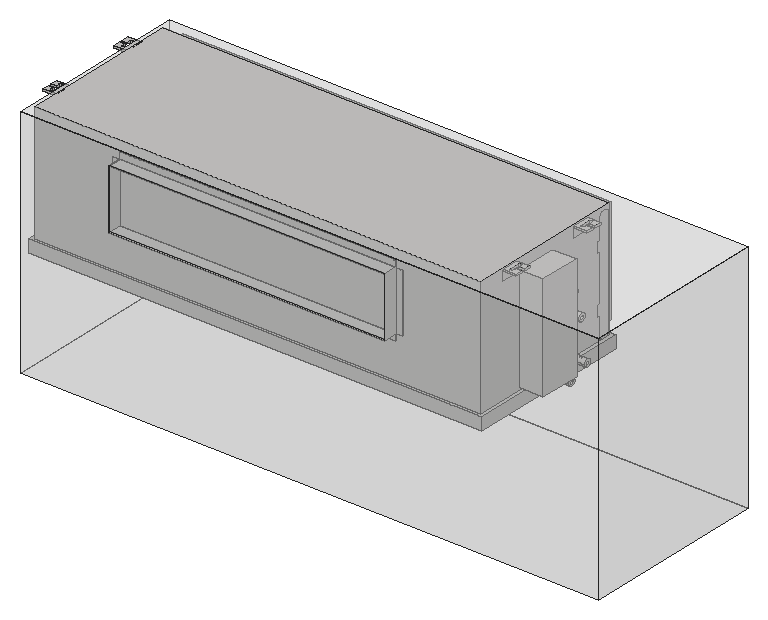
Revit family "outputfile", category 機械設備, Revit 2024
Family settings
  丸型コネクタ寸法 = 半径を使用
  パーツ タイプ = 標準
  OmniClass 番号 = 23.75.10.24.21.27.27
  OmniClass タイトル = Split System Air Conditioning Units
  作業面ベース = いいえ
  常に垂直 = はい
  ロード時にボイドで切り取り = いいえ
  注釈の向きを維持 = いいえ
  共有 = いいえ
  部屋計算ポイント = はい
Parameters (values of type "FDMRN125AXVL9")
  Description = ""
  書き出し IFC クラス(タイプ) = "IfcUnitaryEquipmentType"
  定義済み IFC タイプ(タイプ) = "AIRCONDITIONINGUNIT"
  Cost = 0
  Type Comments = ""
  Keynote = ""
  Type Image = (empty or 0)
  Assembly Code = ""
  switch_frequency = yes
  lw_mountinghole = 19.5 mm  # constant formula
  lw_Supply Duct = 0 mm  # constant formula
  lh_controlbox = 44.5 mm  # constant formula
  lh_Supply Duct = 242.5 mm  # constant formula
  lh_Return Duct = 202.5 mm  # constant formula
  ld_mountinghole = 128.5 mm  # constant formula
  ld_controlbox = 176 mm  # constant formula
  l_powersupply = h_controlbox / 2  # 152 mm
  l_liquidpipe = 22 mm  # constant formula
  l_gaspipe = 39 mm  # constant formula
  l_drainpipe = 39 mm  # constant formula
  w_controlbox = 71 mm  # constant formula
  l_Supply Duct = 39 mm  # constant formula
  l_Return Duct = 40 mm  # constant formula
  h_controlbox = 304 mm  # constant formula
  d2 = 240.5 mm  # constant formula
  connector_voltage = 230 V
  connector_powerinput = [Power Input (Cooling)]  # 5.520 kW
  connector_phase = 1
  d_controlbox = 119.5 mm  # constant formula
  W2 = if(Width = 1569 mm, 1509 mm, 1309 mm)  # 1309 mm
  W1 = if(Width = 1569 mm, 743.5 mm, 643.5 mm)  # 643.5 mm
  W = if(Width = 1569 mm, 754.5 mm, 654.5 mm)  # 654.5 mm
  Voltage_comment_60Hz = "220"
  Voltage_60Hz = 220 V
  URL = ""
  Supply Air Direction [instance] = yes
  製造元 = "Daikin"
  モデル = "FDMRN125AXVL9"
  r_Liquid Pipe Size = Liquid Pipe Size / 2  # 4.75 mm
  r_Gas Pipe Size = Gas Pipe Size / 2  # 7.95 mm
  r_Drain Pipe Size = Drain Pipe Size / 2  # 9.5 mm
  lw_powersupply = C - W1 + 40 mm  # 683.5 mm
  lw_Return Duct = 0 mm  # constant formula
  ld_powersupply = 73 mm  # constant formula
  Sound Power Level_H speed (dB) = 0
  Phase_60Hz = 1
  Minimum External Static Pressure = 0.00 Pa
  Minimum Circuit Amps_60Hz = 0.0 A
  Maximum Fuse Amps_60Hz = 0.0 A
  Maximum External Static Pressure = 0.00 Pa
  Material_Casing = DAIKIN_GalvanizedSteel_Casing_indoorunit
  lw_liquidpipe = C - W1 + l_liquidpipe  # 665.5 mm
  lw_gaspipe = C - W1 + l_gaspipe  # 682.5 mm
  lw_mountinghole_pitch = if(Width = 1569 mm, 1526 mm, 1326 mm)  # 1326 mm
  lw_drainpipe = C - W1 + l_drainpipe  # 682.5 mm
  lh_powersupply = lh_controlbox + h_controlbox / 2  # 196.5 mm
  lh_liquidpipe = 220 mm  # constant formula
  lh_gaspipe = 160 mm  # constant formula
  lh_mountinghole = 376 mm  # constant formula
  lh_drainpipe = 33 mm  # constant formula
  l_antena = Height + 1 mm - lh_mountinghole  # 3 mm
  ld_liquidpipe = 85 mm  # constant formula
  ld_gaspipe = 85 mm  # constant formula
  ld_mountinghole_pitch = 256 mm  # constant formula
  ld_drainpipe = 105 mm  # constant formula
  h*** = 0 mm  # constant formula
  Width = 1369 mm
  Version = "ver.1.0"
  Unit Type = "Duct"
  Unit Mass Weight = 50.00 kg
  Unit Designation [instance] = ""
  Uniclass2015Version = "Products v1.30"
  Uniclass2015Title = "Split coil room air conditioning units"
  Uniclass2015Code = "Pr_70_65_03_86"
  Total Cooling Capacity [instance] = 0.000 kW
  Sound Pressure Level_M speed (dBA) = 48
  Sound Pressure Level_L speed (dBA) = 46
  Sound Pressure Level_H speed (dBA) = 51
  Series = "SkyAir_Fan Coil Unit"
  Sensible Cooling Capacity [instance] = 0.000 kW
  SA Duct Size Width = 797 mm
  SA Duct Size Height = 173 mm
  Refrigerant Type = "R410A"
  RA Duct Size Width = 1236 mm
  RA Duct Size Height = 306 mm
  Power Input (Cooling) = 5.520 kW
  Option Accessory 3 [instance] = ""
  Option Accessory 2 [instance] = ""
  Option Accessory 1 [instance] = ""
  Nominal Cooling Capacity = 14.070 kW
  Minimum Airflow = 1869.00 m³/h
  Median Airflow = 2175.00 m³/h
  Maximum Airflow = 2616.00 m³/h
  Load Classification = HVAC
  Liquid Pipe Size = 9.5 mm
  Link_Nested Family [instance] = ""
  Liquid Pipe_r1 = 4.675 mm  # constant formula
  Liquid Pipe_r = 6.5 mm  # constant formula
  J = 462 mm  # constant formula
  IfcVersion = ""
  IfcExportType = "AIRCONDITIONINGUNIT"
  IfcExportAs = "IfcUnitaryEquipmentType"
  Height = 378 mm
  Heat Exchanger Type = "Cross Fin Coil"
  Gas Pipe Size = 15.9 mm
  Frequency_60Hz = 60 Hz
  Fan Type = "Sirocco Fan"
  Fan Drive = "-"
  FCU Tag No. [instance] = ""
  Drain Pipe Size = 19.0 mm
  Design Supply Airflow [instance] = 0.00 m³/h
  Design Return Airflow [instance] = 0.00 m³/h
  Design External Static Pressure [instance] = 0.00 Pa
  Depth = 541 mm
  既定の高さ = 0 mm
  d1 = 231.5 mm  # constant formula
  D2 = 484 mm  # constant formula
  Cooling Entering Wet Bulb Temperature [instance] = 0.00 °C
  Cooling Entering Dry Bulb Temperature [instance] = 0.00 °C
  Cooling Ambient Wet Bulb Temperature [instance] = 0.00 °C
  Cooling Ambient Dry Bulb Temperature [instance] = 0.00 °C
  Clearance visibility [instance] = yes
  Clearance Top = 0 mm
  Clearance Right = 300 mm
  Clearance Rear = 0 mm
  Clearance Left = 0 mm
  Clearance Front = 0 mm
  Clearance Bottom = 300 mm
  C = if(Width = 1569 mm, 1487 mm, 1287 mm)  # 1287 mm
  A = 36 mm  # constant formula
Reference planes
  plane 1 "Center (Front/Back)": y = 0
  plane 2: z = 0
  plane 3 "Center (Left/Right)": x = 0
  plane 4 "Back": y = 270.5
  plane 5 "Front": y = -270.5
  plane 6 "Left": x = -654.5
  plane 7 "Right": x = 714.5
  plane 8 "Top": z = 0
  plane 9 "Bottom": z = -378
  plane 10 "lh_liquidpipe": z = -158
  plane 11 "lh_gaspipe": z = -218
  plane 12 "lw_mountinghole": x = -663
  plane 13 "lw_mountinghole3": x = 663
  plane 14 "lw_liquidpipe": x = 665.5
  plane 15 "lw_gaspipe": x = 682.5
  plane 16 "lh_mountinghole": z = -2
  plane 17 "Clearance Left": x = -654.5
  plane 18 "Clearance Right": x = 1014.5
  plane 19 "Clearance Rear": y = 270.5
  plane 20 "Clearance Front": y = -270.5
  plane 21 "Clearance Bottom": z = -678
  plane 22 "lh_drainpipe": z = -345
  plane 23 "ld_gaspipe": y = 85
  plane 24 "ld_liquidpipe": y = 85
  plane 25 "ld_drainpipe": y = 105
  plane 26 "lw_drainpipe": x = 682.5
  plane 27 "ld_mountinghole1": y = 127.5
  plane 28 "ld_mountinghole": y = -128.5
  plane 29 "Clearance Top": z = 0
  plane 30 "lh_powersupply": z = -181.5
  plane 31 "ld_powersupply": y = -73
  plane 32 "箱_L": x = -643.5
  plane 33 "箱_R": x = 643.5
  plane 34 "箱_F": y = -231.5
  plane 35 "箱_後": y = 230.5
  plane 36 "A": z = -342
  plane 37: x = 654.5
  plane 38: y = -240.5
  plane 39: y = 243.5
  plane 40: y = 25
  plane 41: y = -94.5
  plane 42 "lh_box": z = -333.5
  plane 43 "lh_box1": z = -29.5
  plane 44 "l-box": x = 714.5
  plane 45 "lw_Supply Duct": x = 0
  plane 46 "lw_Return Duct": x = 0
  plane 47 "lh_Supply Duct": z = -135.5
  plane 48 "lh_Return Duct": z = -175.5
  plane 49 "lw_powersupply": x = 683.5
Forms (mm)
  Extrusion 1, solid, material "DAIKIN_GalvanizedSteel_Casing_indoorunit" <- "Material_Casing"
    sketch origin (0, 0, -342) x (-1, 0, 0) y (0, -1, 0)
      loop
        line (643.5, -230.5) -> (643.5, 231.5) -> (-643.5, 231.5) -> (-643.5, -230.5) -> (643.5, -230.5)
    from 0 to 342
  Extrusion 2, solid, material "DAIKIN_GalvanizedSteel_Casing_indoorunit" <- "Material_Casing"
    sketch origin (0, 0, -378) x (-1, 0, 0) y (0, -1, 0)
      loop
        line (654.5, -243.5) -> (654.5, 240.5) -> (-654.5, 240.5) -> (-654.5, -243.5) -> (654.5, -243.5)
    from 0 to 36
  Extrusion 3, solid, material "DAIKIN_GalvanizedSteel_Casing_indoorunit" <- "Material_Casing"
    sketch origin (0, 0, -333.5) x (-1, 0, 0) y (0, -1, 0)
      loop
        line (-643.5, -25) -> (-643.5, 94.5) -> (-714.5, 94.5) -> (-714.5, -25) -> (-643.5, -25)
    from 0 to 304
  Extrusion 4, solid, material "DAIKIN_GalvanizedSteel_Casing_indoorunit"
    sketch origin (643.5, 1296.25, 1200) x (0, 1, 0) y (0, 0, 1)
      loop
        circle (-1191.25, -1545) r 9.5
      loop
        circle (-1191.25, -1545) r 6.5
    from 0 to 39 <- "l_drainpipe"
  Extrusion 5, solid, material "DAIKIN_GalvanizedSteel_Casing_indoorunit" <- "Material_Casing"
    sketch origin (643.5, 1296.25, 1200) x (0, 1, 0) y (0, 0, 1)
      loop
        circle (-1211.25, -1418) r 9.95
      loop
        circle (-1211.25, -1418) r 6.35
    from 0 to 39 <- "l_gaspipe"
  Extrusion 6, solid, material "DAIKIN_GalvanizedSteel_Casing_indoorunit" <- "Material_Casing"
    sketch origin (643.5, 1296.25, 1200) x (0, 1, 0) y (0, 0, 1)
      loop
        circle (-1211.25, -1358) r 6.5
      loop
        circle (-1211.25, -1358) r 4.675
    from 0 to 22 <- "l_liquidpipe"
  Extrusion 7, solid, material "DAIKIN_GalvanizedSteel_Casing_indoorunit" <- "Material_Casing"
    sketch origin (643.5, 1296.25, 1200) x (0, 1, 0) y (0, 0, 1)
      loop
        arc (-1231.25, -1418) -> (-1211.25, -1438) -> (-1191.25, -1418) r 20
        line (-1191.25, -1418) -> (-1191.25, -1358)
        arc (-1191.25, -1358) -> (-1211.25, -1338) -> (-1231.25, -1358) r 20
        line (-1231.25, -1358) -> (-1231.25, -1418)
    from 0 to 0.8
  Extrusion 8, solid, material "DAIKIN_GalvanizedSteel_Casing_indoorunit" <- "Material_Casing"
    sketch origin (643.5, 1296.25, 1200) x (0, 1, 0) y (0, 0, 1)
      loop
        arc (-1089.75, -1211.5) -> (-1096.822, -1214.429) -> (-1099.75, -1221.5) r 10
        line (-1099.75, -1221.5) -> (-1099.75, -1281.5) -> (-1106.75, -1281.5) -> (-1106.75, -1311.5) -> (-1099.75, -1311.5) -> (-1099.75, -1446.5) -> (-1106.75, -1446.5) -> (-1106.75, -1476.5) -> (-1099.75, -1476.5) -> (-1099.75, -1530.5)
        arc (-1099.75, -1530.5) -> (-1096.822, -1537.571) -> (-1089.75, -1540.5) r 10
        line (-1089.75, -1540.5) -> (-1079.75, -1540.5)
        arc (-1079.75, -1540.5) -> (-1072.679, -1537.571) -> (-1069.75, -1530.5) r 10
        line (-1069.75, -1530.5) -> (-1069.75, -1221.5)
        arc (-1069.75, -1221.5) -> (-1072.679, -1214.429) -> (-1079.75, -1211.5) r 10
        line (-1079.75, -1211.5) -> (-1089.75, -1211.5)
    from 0 to 0.8
  Extrusion 9, solid, material "DAIKIN_GalvanizedSteel_Casing_indoorunit" <- "Material_Casing"
    sketch origin (643.5, 1296.25, 1200) x (0, 1, 0) y (0, 0, 1)
      loop
        circle (-1251.25, -1567) r 9.5
      loop
        circle (-1251.25, -1567) r 6.5
    from 0 to 42
Cuts and joins
  joined: Extrusion 2, Extrusion 9
Dimensions and locks
  "Height": plane 8 "Top" to plane 9 "Bottom"
  "lw_mountinghole_pitch": plane 12 "lw_mountinghole" to plane 13 "lw_mountinghole3"
  "lh_liquidpipe": plane 10 "lh_liquidpipe" to plane 9 "Bottom"
  "lh_gaspipe": plane 11 "lh_gaspipe" to plane 9 "Bottom"
  "lh_mountinghole": plane 16 "lh_mountinghole" to plane 9 "Bottom"
  "Width": plane 6 "Left" to plane 7 "Right"
  "Clearance Right": plane 7 "Right" to plane 18 "Clearance Right"
  "Clearance Left": plane 17 "Clearance Left" to plane 6 "Left"
  "Clearance Rear": plane 19 "Clearance Rear" to plane 4 "Back"
  "Clearance Front": plane 5 "Front" to plane 20 "Clearance Front"
  "Depth": plane 4 "Back" to plane 5 "Front"
  equal spacing: plane 4 "Back", plane 1 "Center (Front/Back)", plane 5 "Front"
  "ld_mountinghole_pitch": plane 27 "ld_mountinghole1" to plane 28 "ld_mountinghole"
  "lw_liquidpipe": plane 3 "Center (Left/Right)" to plane 14 "lw_liquidpipe"
  "lw_gaspipe": plane 3 "Center (Left/Right)" to plane 15 "lw_gaspipe"
  "lw_drainpipe": plane 3 "Center (Left/Right)" to plane 26 "lw_drainpipe"
  "lh_drainpipe": plane 22 "lh_drainpipe" to plane 9 "Bottom"
  "Clearance Top": plane 29 "Clearance Top" to plane 8 "Top"
  "Clearance Bottom": plane 9 "Bottom" to plane 21 "Clearance Bottom"
  "lh_powersupply": plane 30 "lh_powersupply" to plane 9 "Bottom"
  "lw_mountinghole": plane 12 "lw_mountinghole" to plane 32 "箱_L"
  "W": plane 6 "Left" to plane 3 "Center (Left/Right)"
  "W1": plane 32 "箱_L" to plane 3 "Center (Left/Right)"
  "C": plane 32 "箱_L" to plane 33 "箱_R"
  "d1": plane 34 "箱_F" to plane 1 "Center (Front/Back)"
  "J": plane 35 "箱_後" to plane 34 "箱_F"
  "A": plane 36 "A" to plane 9 "Bottom"
  "D2": plane 39 to plane 38
  "W2": plane 6 "Left" to plane 37
  "d2": plane 1 "Center (Front/Back)" to plane 38
  "d_controlbox": plane 40 to plane 41
  "ld_controlbox": plane 41 to plane 5 "Front"
  "h_controlbox": plane 43 "lh_box1" to plane 42 "lh_box"
  "lh_controlbox": plane 42 "lh_box" to plane 9 "Bottom"
  "ld_drainpipe": plane 25 "ld_drainpipe" to plane 1 "Center (Front/Back)"
  "ld_gaspipe": plane 23 "ld_gaspipe" to plane 1 "Center (Front/Back)"
  "ld_liquidpipe": plane 1 "Center (Front/Back)" to plane 24 "ld_liquidpipe"
  plane 1 "Center (Front/Back)" to Extrusion 7 sketch curve to Extrusion 7 sketch curve = 65 mm locked, 40 mm locked
  Extrusion 7 sketch curve to Extrusion 7 sketch curve to plane 9 "Bottom" = 60 mm locked, 160 mm locked
  locked: Extrusion 8 sketch curve to Extrusion 8 sketch curve at 30  (x2)
  locked: Extrusion 8 sketch curve to Extrusion 8 sketch curve at 64
  locked: Extrusion 8 sketch curve to Extrusion 8 sketch curve at 70
  locked: Extrusion 8 sketch curve to Extrusion 8 sketch curve at 329
  Extrusion 8 sketch curve to Extrusion 8 sketch curve to Extrusion 8 sketch curve = 7 mm locked, 30 mm locked
  locked: Extrusion 8 sketch curve to plane 35 "箱_後" at 4
  locked: Extrusion 8 sketch curve to plane 9 "Bottom" at 37.5
  "w_controlbox": plane 33 "箱_R" to plane 44 "l-box"
  "h***": plane 8 "Top" to plane 2
  "ld_mountinghole": plane 28 "ld_mountinghole" to plane 1 "Center (Front/Back)"
  "lw_Supply Duct": plane 46 "lw_Return Duct" to plane 3 "Center (Left/Right)"
  "lw_Return Duct": plane 45 "lw_Supply Duct" to plane 3 "Center (Left/Right)"
  "lh_Supply Duct": plane 47 "lh_Supply Duct" to plane 9 "Bottom"
  "lh_Return Duct": plane 48 "lh_Return Duct" to plane 9 "Bottom"
  "ld_powersupply": plane 1 "Center (Front/Back)" to plane 31 "ld_powersupply"
  locked: plane 1 "Center (Front/Back)" to Extrusion 9 sketch curve at 45  (x2)
  locked: Extrusion 9 sketch curve to plane 9 "Bottom" at 11  (x2)
  "lw_powersupply": plane 3 "Center (Left/Right)" to plane 49 "lw_powersupply"
  "Liquid Pipe_r": radius of Extrusion 6 sketch curve
  "Liquid Pipe_r1": radius of Extrusion 6 sketch curve
  radius of Extrusion 8 sketch curve = 10 mm  (x4)
  aligned and locked: level to plane 2
  aligned and locked: plane 19 "Clearance Rear" to nested 1
  aligned and locked: plane 18 "Clearance Right" to nested 1
  aligned and locked: plane 17 "Clearance Left" to nested 1
  aligned and locked: nested 1 to plane 20 "Clearance Front"
  aligned and locked: plane 29 "Clearance Top" to nested 1
  aligned and locked: nested 1 to plane 21 "Clearance Bottom"
  aligned and locked: plane 32 "箱_L" to Extrusion 1 sketch curve
  aligned and locked: Extrusion 1 sketch curve to plane 33 "箱_R"
  aligned and locked: plane 34 "箱_F" to Extrusion 1 sketch curve
  aligned and locked: Extrusion 1 sketch curve to plane 35 "箱_後"
  aligned and locked: Extrusion 1 to plane 36 "A"
  aligned and locked: plane 8 "Top" to Extrusion 1
  aligned and locked: plane 6 "Left" to Extrusion 2 sketch curve
  aligned and locked: Extrusion 2 sketch curve to plane 37
  aligned and locked: Extrusion 2 sketch curve to plane 39
  aligned and locked: plane 38 to Extrusion 2 sketch curve
  aligned and locked: Extrusion 2 to plane 9 "Bottom"
  aligned and locked: plane 36 "A" to Extrusion 2
  aligned and locked: plane 12 "lw_mountinghole" to nested 3
  aligned and locked: plane 12 "lw_mountinghole" to nested 2
  aligned and locked: nested 4 to plane 13 "lw_mountinghole3"
  aligned and locked: nested 5 to plane 13 "lw_mountinghole3"
  aligned and locked: plane 27 "ld_mountinghole1" to nested 5
  aligned and locked: nested 2 to plane 27 "ld_mountinghole1"
  aligned and locked: plane 28 "ld_mountinghole" to nested 4
  aligned and locked: nested 3 to plane 28 "ld_mountinghole"
  aligned and locked: plane 33 "箱_R" to Extrusion 3 sketch curve
  aligned and locked: plane 41 to Extrusion 3 sketch curve
  aligned and locked: Extrusion 3 sketch curve to plane 40
  aligned and locked: Extrusion 3 to plane 42 "lh_box"
  aligned and locked: plane 43 "lh_box1" to Extrusion 3
  aligned and locked: plane 16 "lh_mountinghole" to nested 4
  aligned and locked: plane 16 "lh_mountinghole" to nested 5
  aligned and locked: plane 16 "lh_mountinghole" to nested 3
  aligned and locked: plane 16 "lh_mountinghole" to nested 2
  aligned and locked: plane 22 "lh_drainpipe" to Extrusion 4 sketch curve  (x2)
  aligned and locked: Extrusion 4 sketch curve to plane 25 "ld_drainpipe"  (x2)
  aligned and locked: Extrusion 5 sketch curve to plane 11 "lh_gaspipe"  (x2)
  aligned and locked: Extrusion 5 sketch curve to plane 23 "ld_gaspipe"  (x2)
  aligned and locked: Extrusion 5 to plane 33 "箱_R"
  aligned and locked: Extrusion 6 sketch curve to plane 10 "lh_liquidpipe"  (x2)
  aligned and locked: Extrusion 6 sketch curve to plane 24 "ld_liquidpipe"  (x2)
  aligned and locked: plane 3 "Center (Left/Right)" to nested 6
  aligned and locked: nested 6 to plane 34 "箱_F"
  aligned and locked: plane 9 "Bottom" to nested 6
  aligned and locked: plane 3 "Center (Left/Right)" to nested 7
  aligned and locked: nested 7 to plane 35 "箱_後"
  aligned and locked: plane 9 "Bottom" to nested 7
  aligned and locked: Extrusion 8 sketch curve to Extrusion 8 sketch curve  (x3)
  aligned and locked: Extrusion 3 sketch curve to plane 44 "l-box"
  aligned and locked: nested 8 to plane 34 "箱_F"
  aligned and locked: plane 45 "lw_Supply Duct" to nested 8
  aligned and locked: plane 47 "lh_Supply Duct" to nested 8
  aligned and locked: plane 35 "箱_後" to nested 9
  aligned and locked: nested 9 to plane 46 "lw_Return Duct"
  aligned and locked: plane 24 "ld_liquidpipe" to nested 10
  aligned and locked: plane 3 "Center (Left/Right)" to nested 10
  aligned and locked: plane 3 "Center (Left/Right)" to nested 11
  aligned and locked: plane 23 "ld_gaspipe" to nested 11
  aligned and locked: plane 3 "Center (Left/Right)" to nested 12
  aligned and locked: plane 25 "ld_drainpipe" to nested 12
  aligned and locked: nested 13 to plane 28 "ld_mountinghole"
  aligned and locked: nested 14 to plane 28 "ld_mountinghole"
  aligned and locked: nested 16 to plane 27 "ld_mountinghole1"
  aligned and locked: nested 15 to plane 27 "ld_mountinghole1"
  aligned and locked: plane 12 "lw_mountinghole" to nested 13
  aligned and locked: plane 12 "lw_mountinghole" to nested 15
  aligned and locked: plane 13 "lw_mountinghole3" to nested 14
  aligned and locked: plane 13 "lw_mountinghole3" to nested 16
  aligned and locked: plane 3 "Center (Left/Right)" to nested 17
  aligned and locked: nested 18 to plane 31 "ld_powersupply"
  aligned and locked: plane 49 "lw_powersupply" to nested 18
Automatic sketch dimensions
  radius of Extrusion 5 sketch curve = 9.95 mm
  radius of Extrusion 5 sketch curve = 6.35 mm
  radius of Extrusion 4 sketch curve = 9.5 mm
  radius of Extrusion 4 sketch curve = 6.5 mm
  radius of Extrusion 9 sketch curve = 9.5 mm
  radius of Extrusion 9 sketch curve = 6.5 mm
Nested families
  nested 1: "daikin_clearancespace" at (180, 0, -338.881), visible <- "Clearance visibility", show <- "Clearance visibility", Link_Nested Family <- "Link_Nested Family", type "daikin_clearancespace"
    with width 1669 mm, show yes, height 678 mm, depth 541 mm, Link_Nested Family ""
  nested 2: "daikin_hangerfixture_FDMRN-AXVL9" at (-663, 127.5, -2), type "daikin_hangerfixture_FDMRN-AXVL9"
    with width 1369 mm
  nested 3: "daikin_hangerfixture_FDMRN-AXVL9" at (-663, -128.5, -2), type "daikin_hangerfixture_FDMRN-AXVL9"
    with width 1369 mm
  nested 4: "daikin_hangerfixture_FDMRN-AXVL9" at (663, -128.5, -2) x (-1, 0, 0) z (0, 0, 1), type "daikin_hangerfixture_FDMRN-AXVL9"
    with width 1369 mm
  nested 5: "daikin_hangerfixture_FDMRN-AXVL9" at (663, 127.5, -2) x (-1, 0, 0) z (0, 0, 1), type "daikin_hangerfixture_FDMRN-AXVL9"
    with width 1369 mm
  nested 6: "daikin_Supply Ductflange_FDMRN-AXVL9" at (0, -231.5, -567.401), material <- "Material_Casing", type "daikin_Supply Ductflange_FDMRN-AXVL9"
    with material DAIKIN_GalvanizedSteel_Casing_indoorunit, W1 643.5 mm, C 1287 mm, 71/100 yes, 50/60 no
  nested 7: "daikin_Return Ductflange_FDMRN-AXVL9" at (0, 230.5, -567.401), material <- "Material_Casing", type "daikin_Return Ductflange_FDMRN-AXVL9"
    with material DAIKIN_GalvanizedSteel_Casing_indoorunit, W1 643.5 mm, C 1287 mm, 71/100 yes, 50/60 no
  nested 8: "daikin_connector_rotate2" at (0, -231.5, -135.5), length <- "l_Supply Duct", type "daikin_connector_rotate2"
    with radius 10 mm, length 39 mm, angle_vertical 90.00°, show_face no
  nested 9: "daikin_connector_rotate2" at (0, 230.5, -175.5) x (-1, 0, 0) z (0, 0, 1), length <- "l_Return Duct", type "daikin_connector_rotate2"
    with radius 10 mm, length 40 mm, angle_vertical 90.00°, show_face no
  nested 10: "daikin_connector_rotate2" at (0, 85, -158) x (0, 1, 0) z (0, 0, 1), radius <- "r_Liquid Pipe Size", length <- "lw_liquidpipe", type "daikin_connector_rotate2"
    with radius 4.75 mm, length 665.5 mm, angle_vertical 90.00°, show_face no
  nested 11: "daikin_connector_rotate2" at (0, 85, -218) x (0, 1, 0) z (0, 0, 1), length <- "lw_gaspipe", radius <- "r_Gas Pipe Size", type "daikin_connector_rotate2"
    with radius 7.95 mm, length 682.5 mm, angle_vertical 90.00°, show_face no
  nested 12: "daikin_connector_rotate2" at (0, 105, -345) x (0, 1, 0) z (0, 0, 1), length <- "lw_drainpipe", radius <- "r_Drain Pipe Size", type "daikin_connector_rotate2"
    with radius 9.5 mm, length 682.5 mm, angle_vertical 90.00°, show_face no
  nested 13: "daikin_mountinghole" at (-663, -128.5, -378), Link_Nested Family <- "Link_Nested Family", h_mountinghole <- "lh_mountinghole", l_antenna <- "l_antena", type "daikin_mountinghole"
    with show yes, l_antenna 3 mm, h_mountinghole 376 mm, Link_Nested Family ""
  nested 14: "daikin_mountinghole" at (663, -128.5, -378), Link_Nested Family <- "Link_Nested Family", h_mountinghole <- "lh_mountinghole", l_antenna <- "l_antena", type "daikin_mountinghole"
    with show yes, l_antenna 3 mm, h_mountinghole 376 mm, Link_Nested Family ""
  nested 15: "daikin_mountinghole" at (-663, 127.5, -378), Link_Nested Family <- "Link_Nested Family", h_mountinghole <- "lh_mountinghole", l_antenna <- "l_antena", type "daikin_mountinghole"
    with show yes, l_antenna 3 mm, h_mountinghole 376 mm, Link_Nested Family ""
  nested 16: "daikin_mountinghole" at (663, 127.5, -378), Link_Nested Family <- "Link_Nested Family", h_mountinghole <- "lh_mountinghole", l_antenna <- "l_antena", type "daikin_mountinghole"
    with show yes, l_antenna 3 mm, h_mountinghole 376 mm, Link_Nested Family ""
  nested 17: "daikin_△_symbolicline" at (0, 0, 378) x (-1, 0, 0) z (0, 0, 1), built-in parameter 1001364 <- "Height", visible <- "Supply Air Direction", type "daikin_△_symbolicline"
    with length 200 mm
  nested 18: "daikin_connector_rotate2" at (683.5, -73, -181.5), length <- "l_powersupply", type "daikin_connector_rotate2"
    with radius 10 mm, length 152 mm, angle_vertical 180.00°, show_face no
Connectors
  hvac at (0, -270.5, -135.5), driven by "SA Duct Size Height", driven by "SA Duct Size Width"
    settings: on nested 8, index 1, duct flow 0.00 m³/h, flow factor 0, pres drop 0.00 Pa, loss coef 0, conn angle 0.00°, conn width 797.0 mm, conn height 173.0 mm, conn diameter 609.6 mm, duct sys type 1, conn prof type 1, flow config 0, flow direction 2, loss method 4, conn ref index -1, conn util no, is conn primary yes, conn desc "SA Duct"
  hvac at (0, 270.5, -175.5), driven by "RA Duct Size Height", driven by "RA Duct Size Width"
    settings: on nested 9, index 2, duct flow 0.00 m³/h, flow factor 0, pres drop 0.00 Pa, loss coef 0, conn angle 0.00°, conn width 1236.0 mm, conn height 306.0 mm, conn diameter 609.6 mm, duct sys type 2, conn prof type 1, flow config 0, flow direction 1, loss method 4, conn ref index -1, conn util no, is conn primary no, conn desc "RA Duct"
  piping at (665.5, 85, -158), diameter 9.5, driven by "r_Liquid Pipe Size"
    settings: on Extrusion 6, index 3, connector inside diameter 609.6 mm, connector length 0 mm, flow factor 0, pipe flow 0.00 m³/h, pressure drop 0.0 Pa, fitting loss kfactor 0, connector angle 0.00°, fixture units 0, engagement length 0 mm, angle of deflection 0.00°, flow configuration 1, flow direction 1, fitting loss method 0, system type 29, joint type 0, gender type 0, connector reference index -1, connector utility 0, adjustable connector no, is connector primary yes, connector description "Refrigerant Liquid Piping"
  piping at (682.5, 85, -218), diameter 15.9, driven by "r_Gas Pipe Size"
    settings: on nested 11, index 4, connector inside diameter 609.6 mm, connector length 0 mm, flow factor 0, pipe flow 0.00 m³/h, pressure drop 0.0 Pa, fitting loss kfactor 0, connector angle 0.00°, fixture units 0, engagement length 0 mm, angle of deflection 0.00°, flow configuration 1, flow direction 2, fitting loss method 0, system type 29, joint type 0, gender type 0, connector reference index -1, connector utility 0, adjustable connector no, is connector primary no, connector description "Refrigerant Gas Piping"
  piping at (682.5, 105, -345), diameter 19, driven by "r_Drain Pipe Size"
    settings: on nested 12, index 5, connector inside diameter 609.6 mm, connector length 0 mm, flow factor 0, pipe flow 0.00 m³/h, pressure drop 0.0 Pa, fitting loss kfactor 0, connector angle 0.00°, fixture units 0, engagement length 0 mm, angle of deflection 0.00°, flow configuration 1, flow direction 2, fitting loss method 4, system type 16, joint type 0, gender type 0, connector reference index -1, connector utility 0, adjustable connector no, is connector primary no, connector description "Condensate Drain Piping"
  electrical at (683.5, -73, -29.5), driven by "connector_phase", driven by "Load Classification", driven by "connector_voltage", driven by "connector_powerinput"
    settings: on nested 18, index 8, voltage 230 V, apparent load 5520 VA, apparent load phase1 0 VA, apparent load phase2 0 VA, apparent load phase3 0 VA, power factor 1, load classification "HVAC", number of poles 1, system type 30, power factor state 1, is connector primary yes, connector utility no, sub classification motor no, connector description "Power Supply"
Definition of nested family "daikin_clearancespace"
  Parameters (values of type "daikin_clearancespace")
    Description = "daikin_clearancespace"
    width [instance] = 1823.963 mm
    show [instance] = yes
    material = none
    height [instance] = 1359.762 mm
    depth [instance] = 880 mm
    Default Elevation = 0 mm
    Link_Nested Family [instance] = ""
  Reference planes
    plane 1 "Center (Front/Back)": y = 0
    plane 2 "Center (Elevation)": z = -0.119
    plane 3 "Center (Left/Right)": x = 0
    plane 4: y = 440
    plane 5: y = -440
    plane 6 "Right": x = 911.982
    plane 7 "Left": x = -911.982
    plane 8 "Top": z = 679.762
    plane 9 "Bottom": z = -680
  Forms (mm)
    Extrusion 1, solid, material <- "material", visible <- "show"
      sketch origin (0, 0, 0) x (1, 0, 0) y (0, 1, 0)
        loop
          line (-911.982, 440) -> (-911.982, -440) -> (911.982, -440) -> (911.982, 440) -> (-911.982, 440)
      from -680 to 679.762
  Lines and regions (mm)
    symbolic lines, visible <- "show"
      curve 1: line (911.982, 440, 0) -> (-911.982, 440, 0)
      curve 2: line (-911.982, 440, 0) -> (-911.982, -440, 0)
      curve 3: line (-911.982, -440, 0) -> (911.982, -440, 0)
      curve 4: line (911.982, -440, 0) -> (911.982, 440, 0)
      curve 5: line (911.982, 0, 679.762) -> (-911.982, 0, 679.762)
      curve 6: line (911.982, 0, -680) -> (911.982, 0, 679.762)
      curve 7: line (-911.982, 0, -680) -> (911.982, 0, -680)
      curve 8: line (-911.982, 0, 679.762) -> (-911.982, 0, -680)
      curve 9: line (0, 440, 679.762) -> (0, -440, 679.762)
      curve 10: line (0, -440, 679.762) -> (0, -440, -680)
      curve 11: line (0, 440, -680) -> (0, 440, 679.762)
      curve 12: line (0, -440, -680) -> (0, 440, -680)
  Dimensions and locks
    "width": plane 7 "Left" to plane 6 "Right"
    "depth": plane 4 to plane 5
    "height": plane 8 "Top" to plane 9 "Bottom"
    equal spacing: plane 7 "Left", plane 3 "Center (Left/Right)", plane 6 "Right"
    equal spacing: plane 4, plane 1 "Center (Front/Back)", plane 5
    equal spacing: plane 8 "Top", plane 2 "Center (Elevation)", plane 9 "Bottom"
    aligned and locked: level to plane 2 "Center (Elevation)"
    aligned and locked: Extrusion 1 sketch curve to plane 4
    aligned and locked: plane 7 "Left" to Extrusion 1 sketch curve
    aligned and locked: Extrusion 1 sketch curve to plane 5
    aligned and locked: Extrusion 1 sketch curve to plane 6 "Right"
    aligned and locked: plane 8 "Top" to Extrusion 1
    aligned and locked: curve 1 to Extrusion 1
    aligned and locked: curve 2 to Extrusion 1
    aligned and locked: curve 3 to Extrusion 1
    aligned and locked: curve 4 to Extrusion 1
    aligned and locked: curve 5 to Extrusion 1
    aligned and locked: curve 6 to Extrusion 1
    aligned and locked: curve 7 to Extrusion 1
    aligned and locked: curve 8 to Extrusion 1
    aligned and locked: curve 9 to Extrusion 1
    aligned and locked: curve 10 to Extrusion 1
    aligned and locked: curve 11 to Extrusion 1
    aligned and locked: curve 12 to Extrusion 1
    aligned and locked: Extrusion 1 to plane 9 "Bottom"
Definition of nested family "daikin_hangerfixture_FDMRN-AXVL9"
  Parameters (values of type "daikin_hangerfixture_FDMFC-AV1M")
    width = 1065 mm
    material = none
    height = 65 mm
    depth = 700 mm
    Default Elevation = 0 mm
  Reference planes
    plane 1 "Center (Front/Back)": y = 0
    plane 2: z = 0
    plane 3 "Center (Left/Right)": x = 0
  Forms (mm)
    Extrusion 1, solid, material <- "material"
      sketch origin (0, 0, 0) x (1, 0, 0) y (0, 0, 1)
        loop
          line (-20, 0) -> (-20, -5) -> (17, -5) -> (17, -30) -> (19.5, -30) -> (19.5, 0) -> (-20, 0)
      from -25 to 25
    Extrusion 2, void
      sketch origin (0, 0, 0) x (1, 0, 0) y (0, 1, 0)
        loop
          line (-5, 5) -> (-20, 5) -> (-20, -5) -> (-5, -5) -> (-5, -13)
          arc (-5, -13) -> (0, -18) -> (5, -13) r 5
          line (5, -13) -> (5, 13)
          arc (5, 13) -> (0, 18) -> (-5, 13) r 5
          line (-5, 13) -> (-5, 5)
      from 0 to -5
  Cuts and joins
    Extrusion 2 cuts Extrusion 1
  Dimensions and locks
    locked: Extrusion 1 sketch curve to Extrusion 1 sketch curve at 5
    locked: Extrusion 1 sketch curve to Extrusion 1 sketch curve at 2.5
    locked: Extrusion 1 sketch curve to Extrusion 1 sketch curve at 30
    locked: Extrusion 1 sketch curve to Extrusion 1 sketch curve at 39.5
    Extrusion 1 sketch curve to plane 3 "Center (Left/Right)" = 17 mm
    locked: Extrusion 1 sketch curve to plane 3 "Center (Left/Right)" at 19.5
    Extrusion 2 sketch curve to plane 1 "Center (Front/Back)" to Extrusion 2 sketch curve = 13 mm locked, 13 mm locked
    equal spacing: Extrusion 2 sketch curve, plane 3 "Center (Left/Right)", Extrusion 2 sketch curve
    locked: Extrusion 2 sketch curve to Extrusion 2 sketch curve at 10  (x2)
    equal spacing: Extrusion 2 sketch curve, plane 1 "Center (Front/Back)", Extrusion 2 sketch curve
    aligned and locked: level to plane 2
    aligned and locked: Extrusion 1 sketch curve to plane 2
    aligned and locked: plane 3 "Center (Left/Right)" to Extrusion 2 sketch curve  (x2)
    aligned and locked: Extrusion 1 to Extrusion 2 sketch curve
Definition of nested family "daikin_Supply Ductflange_FDMRN-AXVL9"
  Parameters (values of type "daikin_ductflange_FDMRN-AXVL")
    material [instance] = none
    Default Elevation = 0 mm
    W1 = 521.5 mm
    C = 1002 mm
    71/100 = no
    50/60 = yes
  Reference planes
    plane 1 "Center (Front/Back)": y = 0
    plane 2: z = 189.401
    plane 3 "Center (Left/Right)": x = 0
    plane 4: x = -521.5
    plane 5: x = 480.5
  Forms (mm)
    Extrusion 1, solid, material <- "material", visible <- "71/100"
      sketch origin (0, 0, 0) x (1, 0, 0) y (0, 0, 1)
        loop
          line (-398.5, 518.401) -> (-398.5, 345.401) -> (398.5, 345.401) -> (398.5, 518.401) -> (-398.5, 518.401)
        loop
          line (-397.5, 346.401) -> (397.5, 346.401) -> (397.5, 517.401) -> (-397.5, 517.401) -> (-397.5, 346.401)
      from 0 to 39
    Extrusion 2, solid, material <- "material", visible <- "71/100"
      sketch origin (0, 0, 0) x (1, 0, 0) y (0, 0, 1)
        loop
          line (-397.5, 537.401) -> (-397.5, 518.401) -> (397.5, 518.401) -> (397.5, 537.401) -> (-397.5, 537.401)
        loop
          line (398.5, 517.401) -> (398.5, 346.401) -> (417.5, 346.401) -> (417.5, 517.401) -> (398.5, 517.401)
        loop
          line (-397.5, 345.401) -> (-397.5, 326.401) -> (397.5, 326.401) -> (397.5, 345.401) -> (-397.5, 345.401)
        loop
          line (-417.5, 517.401) -> (-417.5, 346.401) -> (-398.5, 346.401) -> (-398.5, 517.401) -> (-417.5, 517.401)
      from 0 to -1
    Extrusion 3, solid, material <- "material", visible <- "50/60"
      sketch origin (0, 0, 0) x (1, 0, 0) y (0, 0, 1)
        loop
          line (-501.5, 431.401) -> (-501.5, 220.401) -> (460.5, 220.401) -> (460.5, 431.401) -> (-501.5, 431.401)
        loop
          line (-500.5, 430.401) -> (-500.5, 221.401) -> (459.5, 221.401) -> (459.5, 430.401) -> (-500.5, 430.401)
      from 0 to 30
    Extrusion 4, solid, material <- "material", visible <- "50/60"
      sketch origin (0, 0, 0) x (1, 0, 0) y (0, 0, 1)
        loop
          line (-521.5, 220.401) -> (-501.5, 220.401) -> (-501.5, 431.401) -> (-521.5, 450.401) -> (-521.5, 220.401)
        loop
          line (480.5, 450.401) -> (460.5, 431.401) -> (460.5, 220.401) -> (480.5, 220.401) -> (480.5, 450.401)
      from 0 to -1
    Extrusion 5, solid, material <- "material", visible <- "50/60"
      sketch origin (0, 0, 0) x (1, 0, 0) y (0, 0, 1)
        loop
          line (460.5, 431.401) -> (480.5, 450.401) -> (-521.5, 450.401) -> (-501.5, 431.401) -> (460.5, 431.401)
      from 0 to -1
  Dimensions and locks
    equal spacing: Extrusion 1 sketch curve, plane 3 "Center (Left/Right)", Extrusion 1 sketch curve
    locked: Extrusion 1 sketch curve to Extrusion 1 sketch curve at 797
    locked: Extrusion 1 sketch curve to Extrusion 1 sketch curve at 173
    locked: Extrusion 1 sketch curve to plane 2 at 156
    locked: Extrusion 2 sketch curve to Extrusion 2 sketch curve at 19  (x4)
    "W1": plane 3 "Center (Left/Right)" to plane 4
    "C": plane 5 to plane 4
    Extrusion 3 sketch curve to Extrusion 3 sketch curve to plane 2 = 211 mm locked, 31 mm locked
    locked: Extrusion 3 sketch curve to plane 4 at 20
    locked: Extrusion 3 sketch curve to plane 5 at 20
    locked: Extrusion 3 sketch curve to Extrusion 3 sketch curve at 1  (x4)
    locked: Extrusion 5 sketch curve to Extrusion 5 sketch curve at 19
    locked: Extrusion 4 sketch curve to Extrusion 4 sketch curve (angle 133.531°)  (x2)
    aligned and locked: level to plane 2
    aligned and locked: Extrusion 2 sketch curve to Extrusion 2 sketch curve  (x4)
    aligned and locked: Extrusion 1 to Extrusion 2 sketch curve  (x7)
    aligned and locked: Extrusion 2 sketch curve to Extrusion 1
    aligned and locked: Extrusion 4 sketch curve to Extrusion 3  (x3)
    aligned and locked: plane 4 to Extrusion 4 sketch curve
    aligned and locked: Extrusion 4 sketch curve to plane 5
    aligned and locked: Extrusion 3 to Extrusion 4 sketch curve
    aligned and locked: Extrusion 5 sketch curve to Extrusion 3
    aligned and locked: Extrusion 5 sketch curve to Extrusion 4  (x2)
  Automatic sketch dimensions
    Extrusion 1 sketch curve to Extrusion 1 sketch curve = 1 mm  (x4)
    Extrusion 4 sketch curve to Extrusion 4 sketch curve = 211 mm  (x2)
Definition of nested family "daikin_Return Ductflange_FDMRN-AXVL9"
  Parameters (values of type "daikin_ductflange_FDMRN-AXVL1")
    material [instance] = none
    Default Elevation = 0 mm
    W1 = 521.5 mm
    C = 1002 mm
    71/100 = no
    50/60 = yes
  Reference planes
    plane 1 "Center (Front/Back)": y = 0
    plane 2: z = 189.401
    plane 3 "Center (Left/Right)": x = 0
    plane 4: x = -521.5
    plane 5: x = 480.5
  Forms (mm)
    Extrusion 1, solid, material <- "material", visible <- "71/100"
      sketch origin (0, 0, 0) x (1, 0, 0) y (0, 0, 1)
        loop
          line (-496, 544.901) -> (-496, 238.901) -> (455, 238.901) -> (455, 544.901) -> (-496, 544.901)
        loop
          line (-495, 239.901) -> (454, 239.901) -> (454, 543.901) -> (-495, 543.901) -> (-495, 239.901)
      from 0 to -40
    Extrusion 2, solid, material <- "material", visible <- "71/100"
      sketch origin (0, 0, 0) x (1, 0, 0) y (0, 0, 1)
        loop
          line (455, 238.901) -> (475, 238.901) -> (475, 563.901) -> (455, 544.901) -> (455, 238.901)
        loop
          line (-516, 238.901) -> (-496, 238.901) -> (-496, 544.901) -> (-516, 563.901) -> (-516, 238.901)
      from 0 to 1
    Extrusion 3, solid, material <- "material", visible <- "50/60"
      sketch origin (0, 0, 0) x (1, 0, 0) y (0, 0, 1)
        loop
          line (-501.5, 431.401) -> (-501.5, 220.401) -> (460.5, 220.401) -> (460.5, 431.401) -> (-501.5, 431.401)
        loop
          line (-500.5, 430.401) -> (-500.5, 221.401) -> (459.5, 221.401) -> (459.5, 430.401) -> (-500.5, 430.401)
      from 0 to -30
    Extrusion 4, solid, material <- "material", visible <- "50/60"
      sketch origin (0, 0, 0) x (1, 0, 0) y (0, 0, 1)
        loop
          line (-521.5, 220.401) -> (-501.5, 220.401) -> (-501.5, 431.401) -> (-521.5, 450.401) -> (-521.5, 220.401)
        loop
          line (480.5, 450.401) -> (460.5, 431.401) -> (460.5, 220.401) -> (480.5, 220.401) -> (480.5, 450.401)
      from 0 to 1
    Extrusion 5, solid, material <- "material", visible <- "50/60"
      sketch origin (0, 0, 0) x (1, 0, 0) y (0, 0, 1)
        loop
          line (460.5, 431.401) -> (480.5, 450.401) -> (-521.5, 450.401) -> (-501.5, 431.401) -> (460.5, 431.401)
      from 0 to 1
    Extrusion 6, solid, material <- "material", visible <- "71/100"
      sketch origin (0, 0, 0) x (1, 0, 0) y (0, 0, 1)
        loop
          line (455, 544.901) -> (475, 563.901) -> (-516, 563.901) -> (-496, 544.901) -> (455, 544.901)
      from 0 to 1
  Dimensions and locks
    locked: Extrusion 1 sketch curve to Extrusion 1 sketch curve at 306
    locked: Extrusion 1 sketch curve to plane 2 at 49.5
    locked: Extrusion 2 sketch curve to Extrusion 2 sketch curve at 20  (x2)
    "W1": plane 3 "Center (Left/Right)" to plane 4
    "C": plane 5 to plane 4
    Extrusion 3 sketch curve to Extrusion 3 sketch curve to plane 2 = 211 mm locked, 31 mm locked
    locked: Extrusion 3 sketch curve to plane 4 at 20
    locked: Extrusion 3 sketch curve to plane 5 at 20
    locked: Extrusion 3 sketch curve to Extrusion 3 sketch curve at 1  (x4)
    locked: Extrusion 5 sketch curve to Extrusion 5 sketch curve at 19
    locked: Extrusion 1 sketch curve to plane 4 at 25.5
    locked: Extrusion 1 sketch curve to plane 5 at 25.5
    locked: Extrusion 1 sketch curve to Extrusion 1 sketch curve at 1  (x4)
    locked: Extrusion 6 sketch curve to Extrusion 6 sketch curve at 19
    locked: Extrusion 4 sketch curve to Extrusion 4 sketch curve (angle 133.531°)  (x2)
    locked: Extrusion 2 sketch curve to Extrusion 2 sketch curve (angle 133.531°)  (x2)
    aligned and locked: level to plane 2
    aligned and locked: Extrusion 2 sketch curve to Extrusion 2 sketch curve
    aligned and locked: Extrusion 4 sketch curve to Extrusion 3  (x3)
    aligned and locked: plane 4 to Extrusion 4 sketch curve
    aligned and locked: Extrusion 4 sketch curve to plane 5
    aligned and locked: Extrusion 3 to Extrusion 4 sketch curve
    aligned and locked: Extrusion 5 sketch curve to Extrusion 3
    aligned and locked: Extrusion 5 sketch curve to Extrusion 4  (x2)
    aligned and locked: Extrusion 6 sketch curve to Extrusion 2  (x2)
  Automatic sketch dimensions
    Extrusion 4 sketch curve to Extrusion 4 sketch curve = 211 mm  (x2)
    plane 4 to Extrusion 2 sketch curve = 5.5 mm
    Extrusion 2 sketch curve to plane 5 = 25.5 mm
    Extrusion 2 sketch curve to Extrusion 2 sketch curve = 306 mm  (x2)
    level to Extrusion 2 sketch curve = 49.5 mm
    plane 4 to Extrusion 6 sketch curve = 5.5 mm
Definition of nested family "daikin_connector_rotate2"
  Parameters (values of type "daikin_connector_rotate2")
    Default Elevation = 1219.2 mm
    show_face = yes
    radius [instance] = 10 mm
    length [instance] = 600 mm
    d_surface = 10 mm
    angle_vertical [instance] = 90.00°
  Reference planes
    plane 1 "Center (Front/Back)": y = 0
    plane 2: z = 0
    plane 3 "Center (Left/Right)": x = 0
  Forms (mm)
    Extrusion 1, solid, visible <- "show_face"
      sketch origin (0, -600, 0) x (1, 0, 0) y (0, 0, 1)
        loop
          circle (0, 0) r 10
      from 0 to -10
  Lines and regions (mm)
    reference lines
      curve 1: line (0, 0, 0) -> (0, -600, 0)
    symbolic lines
      curve 2: circle (0, 0, 0) r 5 normal (0, 0, 1)
    model lines, visible <- "show_face"
      curve 3: line (0, 0, 0) -> (0, -600, 0)
  Dimensions and locks
    "length": curve 1 to curve 1
    "length": curve 3 to curve 3
    "d_surface": Extrusion 1 to Extrusion 1
    "radius": radius of Extrusion 1 sketch curve
    "angle_vertical": angle curve 1 to plane 1 "Center (Front/Back)"
    "angle_vertical": angle curve 3 to plane 1 "Center (Front/Back)"
    aligned and locked: level to plane 2
    aligned and locked: plane 1 "Center (Front/Back)" to curve 1
    aligned and locked: plane 2 to curve 1
    aligned and locked: plane 1 "Center (Front/Back)" to curve 2
    aligned and locked: plane 3 "Center (Left/Right)" to curve 2
    aligned and locked: plane 1 "Center (Front/Back)" to curve 3
    aligned and locked: plane 2 to curve 3
    aligned and locked: Extrusion 1 to Extrusion 1
  Automatic sketch dimensions
    Extrusion 1 sketch curve to level = 0 mm
    Extrusion 1 sketch curve to plane 3 "Center (Left/Right)" = 0 mm
    radius of curve 2 = 5 mm
Definition of nested family "daikin_mountinghole"
  Parameters (values of type "daikin_mountinghole")
    Default Elevation = 0 mm
    Type Comments = "mountinghole"
    show [instance] = yes
    material = none
    l_centerline = 100 mm
    l_antenna [instance] = 100 mm
    h_mountinghole [instance] = 0 mm
    d_circle = 30 mm
    Link_Nested Family [instance] = ""
  Reference planes
    plane 1 "Center (Front/Back)": y = 0
    plane 2: z = 0
    plane 3 "Center (Left/Right)": x = 0
    plane 4: y = 50
    plane 5: x = -50
    plane 6: x = 50
    plane 7: y = -50
    plane 8 "h_mountinghole": z = 0
    plane 9: z = 100
  Lines and regions (mm)
    model lines, detail levels fine
      curve 1: circle (0, 0, 0) r 15 normal (0, 0, 1)
      curve 2: line (-50, 0, 0) -> (50, 0, 0)
      curve 3: line (0, 50, 0) -> (0, -50, 0)
    symbolic lines, detail levels fine
      curve 4: circle (0, 0, 0) r 15 normal (0, 0, 1)
      curve 5: line (-50, 0, 0) -> (50, 0, 0)
      curve 6: line (0, 50, 0) -> (0, -50, 0)
    model lines
      curve 7: line (0, 0, 100) -> (0, 0, 0)
  Dimensions and locks
    equal spacing: plane 4, plane 1 "Center (Front/Back)", plane 7
    "l_centerline": plane 4 to plane 7
    equal spacing: plane 5, plane 3 "Center (Left/Right)", plane 6
    "l_centerline": plane 5 to plane 6
    "l_antenna": plane 9 to plane 8 "h_mountinghole"
    "h_mountinghole": plane 8 "h_mountinghole" to plane 2
    "d_circle": diameter of curve 1
    "d_circle": diameter of curve 4
    aligned and locked: level to plane 2
    aligned and locked: plane 1 "Center (Front/Back)" to curve 1
    aligned and locked: plane 3 "Center (Left/Right)" to curve 1
    aligned and locked: plane 1 "Center (Front/Back)" to curve 2
    aligned and locked: curve 3 to plane 3 "Center (Left/Right)"
    aligned and locked: plane 6 to curve 2
    aligned and locked: plane 5 to curve 2
    aligned and locked: plane 4 to curve 3
    aligned and locked: plane 7 to curve 3
    aligned and locked: plane 1 "Center (Front/Back)" to curve 4
    aligned and locked: plane 3 "Center (Left/Right)" to curve 4
    aligned and locked: plane 6 to curve 5
    aligned and locked: plane 5 to curve 5
    aligned and locked: plane 1 "Center (Front/Back)" to curve 5
    aligned and locked: plane 4 to curve 6
    aligned and locked: plane 7 to curve 6
    aligned and locked: curve 6 to plane 3 "Center (Left/Right)"
    aligned and locked: curve 7 to plane 3 "Center (Left/Right)"
    aligned and locked: plane 9 to curve 7
    aligned and locked: plane 8 "h_mountinghole" to curve 7
Definition of nested family "daikin_△_symbolicline"
  Parameters (values of type "daikin_△_symbolicline")
    length [instance] = 500 mm
    Default Elevation = 0 mm
  Reference planes
    plane 1 "Center (Front/Back)": y = 0
    plane 2: z = 0
    plane 3 "Center (Left/Right)": x = 0
  Lines and regions (mm)
    symbolic lines
      curve 1: line (0, -433.013, 0) -> (250, 0, 0)
      curve 2: line (250, 0, 0) -> (-250, 0, 0)
      curve 3: line (-250, 0, 0) -> (0, -433.013, 0)
  Dimensions and locks
    equal spacing: curve 3, plane 3 "Center (Left/Right)", curve 2
    "length": curve 3 to curve 2
    "length": curve 3 to curve 3
    "length": curve 1 to curve 1
    aligned and locked: level to plane 2
    aligned and locked: curve 2 to plane 1 "Center (Front/Back)"
    aligned and locked: plane 3 "Center (Left/Right)" to curve 3
